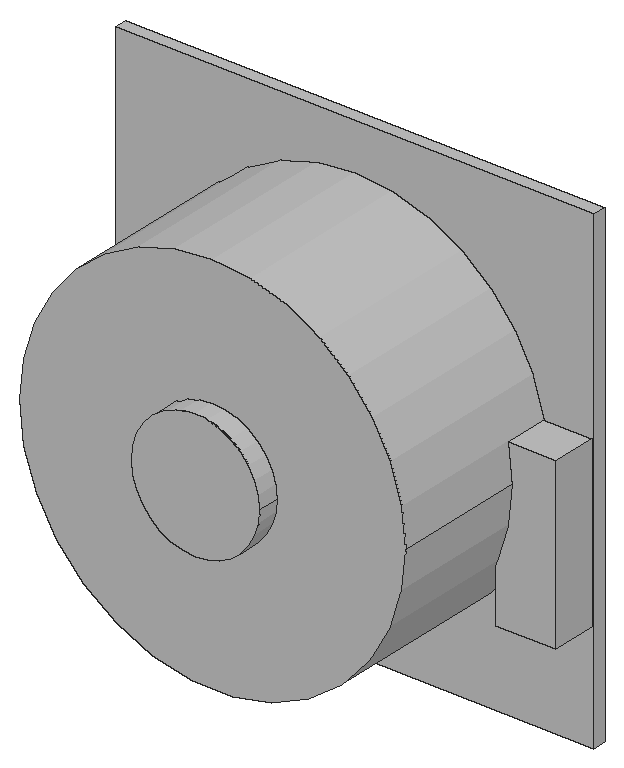
Revit family "ef_eg-25_40asxc2_bsxc2_dsxc2_csxc2-hc_60Hz", category 機械設備, Revit 2019
Family settings
  丸型コネクタ寸法 = 直径を使用
  パーツ タイプ = 標準
  OmniClass 番号 = 23.75.35.21.17
  OmniClass タイトル = Industrial Ventilating Equipment
  作業面ベース = いいえ
  常に垂直 = はい
  ロード時にボイドで切り取り = はい
  共有 = いいえ
  部屋計算ポイント = はい
Parameters (values of type "EF-25ASXC2-HC")
  騒音レベル(dB(A)) [instance] = 40.5
  風量 [instance] = 設計風量  # 0.0 m³/h
  電源種別 [instance] = ""
  電圧 = 100 V
  電動機出力 = 25 W
  電動機_種別 [instance] = ""
  運転質量 = 0.00 kg
  連動 [instance] = ""
  質量 = if(製品質量 > 運転質量, 製品質量, 運転質量) * 1.2  # 5.28 kg
  負荷分類 = 3_ファン類
  説明 = "産業用有圧換気扇 低騒音形ステンレスタイプ オールステンレス厨房用"
  設計風量 [instance] = 0.0 m³/h
  設置方法 = "壁付"
  記号 [instance] = ""
  製造元 = "三菱電機株式会社"
  製品質量 = 4.40 kg
  製品出荷対象 = "国内"
  製品リリース年月 = "2022年6月1日"
  製品グループ = ""
  羽根径 = "∅250"
  レグ_Depth = 147.5 mm
  系統 [instance] = ""
  符号 [instance] = if(☑給気／□排気, "FS", "FE")  # "FE"
  積算_科目 = ""
  積算_拾い区分 [instance] = ""
  相 = 1
  盤記号 [instance] = ""
  盤工事区分 = ""
  発停方法 [instance] = ""
  特殊仕様 [instance] = ""
  火災停止 [instance] = ""
  消費電力 = 50 W
  法定耐用年数 = "15"
  極数 = 2
  極 = 4
  材質 [instance] = ""
  操作・制御方式 = ""
  操作・制御スイッチ = ""
  排気量 [instance] = if(☑給気／□排気, 0.0 m³/h, 設計風量)  # 0.0 m³/h
  形式 = ""
  幹線記号 [instance] = ""
  対象室 [instance] = ""
  実風量 [instance] = 0.0 m³/h
  始動方式 [instance] = "直入"
  外気量 [instance] = if(☑給気／□排気, 設計風量, 0.0 m³/h)  # 0.0 m³/h
  呼称 = "有圧扇"
  周波数 = 60 Hz
  参照している仕様書等のバージョン = ""
  分類コード = "50052503100110"
  分類グループ = ""
  価格 = 181000
  企業コード = "108420"
  付属品_防振装置 = ""
  付属品 [instance] = ""
  仕様書バージョン = "Version1.0"
  モーター径 = 99 mm
  モデル = "EF-25ASXC2-HC"
  ボックス_Width = 46.1 mm
  ボックス_Height = 130.6 mm
  ボックス_Depth = 44.8 mm
  フレームの厚さ = 10 mm
  ファンの種類 = "軸流羽根"
  コメント [instance] = ""
  Keynote = ""
  ☑給気／□排気 [instance] = no
  Width = 370 mm
  Version = ""
  Uniclass2015Version = "Systems v1.9"
  Uniclass2015Title = "Propeller fans"
  Uniclass2015Code = "Pr_65_67_29_67"
  URL = "https://www.mitsubishielectric.co.jp/ldg/wink/ssl/displayProduct.do?pid=319144"
  SpecificationReference = ""
  SpecificationDescription = ""
  Revision = ""
  ProductInformation = ""
  OmniClassCode = "23-33 31 19 11 17"
  MIN風量 = 0.0 m³/h
  MID風量 = 0.0 m³/h
  MAX風量 = 1260.0 m³/h
  IfcTypeProduct = ""
  IfcProduct = ""
  IfcExportType = "TUBEAXIAL"
  IfcExportAs = "IfcFanType"
  Height = 370 mm
  オリフィス径 = 298 mm
  Depth = 164 mm
  Box_W = 137 mm
  Box_H = 83.2 mm
  Author = "三菱電機株式会社"
Types (4, lengths in mm): name | 騒音レベル(dB(A)) | 電動機出力 | 質量 | 製品質量 | 羽根径 | レグ_Depth | 消費電力 | 極 | 価格 | モーター径 | モデル | ボックス_Width | ボックス_Height | ボックス_Depth | Width | URL | MAX風量 | Height | オリフィス径 | Depth | Box_W | Box_H
  EF-25ASXC2-HC | 40.5 | 25 W | 5.28 kg | 4.40 kg | "∅250" | 147.5 | 50 W | 4 | 181000 | 99 | "EF-25ASXC2-HC" | 46.1 | 130.6 | 44.8 | 370 | "https://www.mitsubishielectric.co.jp/ldg/wink/ssl/displayProduct.do?pid=319144" | 1260.0 m³/h | 370 | 298 | 164 | 137 | 83.2
  EF-30BSXC2-HC | 43.5 | 50 W | 6.48 kg | 5.40 kg | "∅300" | 147.5 | 73 W | 4 | 244000 | 99 | "EF-30BSXC2-HC" | 46.1 | 190.6 | 44.8 | 420 | "https://www.mitsubishielectric.co.jp/ldg/wink/ssl/displayProduct.do?pid=319157" | 1980.0 m³/h | 420 | 348 | 164 | 162 | 108.2
  EF-40DSXC2-HC | 54 | 200 W | 15.00 kg | 12.50 kg | "∅400" | 198.5 | 190 W | 4 | 304000 | 113 | "EF-40DSXC2-HC" | 46.7 | 251.4 | 57.8 | 520 | "https://www.mitsubishielectric.co.jp/ldg/wink/ssl/displayProduct.do?pid=318478" | 4360.0 m³/h | 520 | 476 | 225 | 213.3 | 134.8
  EG-40CSXC2-HC | 45 | 100 W | 15.00 kg | 12.50 kg | "∅400" | 212.9 | 122 W | 6 | 290000 | 113 | "EG-40CSXC2-HC" | 46.7 | 251.4 | 57.8 | 520 | "https://www.mitsubishielectric.co.jp/ldg/wink/ssl/displayProduct.do?pid=318586" | 3660.0 m³/h | 520 | 476 | 249 | 213.3 | 134.8
Reference planes
  plane 1 "中心(正面/背面)": y = 0
  plane 2: z = 0
  plane 3 "中心(左/右)": x = 0
  plane 4: z = 0
  plane 5: through (212.832, -1524, 243.759) normal (-0.6508, 0, -0.7593)
  plane 6: through (-212.884, -1524, -243.751) normal (0.6508, 0, 0.7593)
  plane 7: through (208.307, -1524, -247.63) normal (-0.6508, 0, 0.7593)
  plane 8: z = 185
  plane 9: z = -185
  plane 10 "左": x = -185
  plane 11 "右": x = 185
  plane 12 "正面": y = -164
  plane 13: y = -10
  plane 14: through (-208.307, -1524, -247.63) normal (-0.6508, 0, -0.7593)
  plane 15: y = 86
  plane 16: y = 186
  plane 17: x = -250
  plane 18: x = 250
  plane 19: y = -44.8
  plane 20: y = -147.5
  plane 21: x = 137
  plane 22: x = 183.1
  plane 23: z = 28.8
  plane 24: z = -101.8
Forms (mm)
  Extrusion 1, solid, detail levels fine
    sketch origin (0, 0, 0) x (1, 0, 0) y (0, 1, 0)
      loop
        line (-185, 0) -> (-185, -10) -> (185, -10) -> (185, 0) -> (-185, 0)
    from -185 to 185
  Extrusion 2, solid, detail levels fine
    sketch origin (140, -23.659, 0) x (-1, 0, 0) y (0, 0, -1)
      loop
        circle (140, 0) r 49.5
    from 123.841 to 140.341
  Extrusion 3, solid
    sketch origin (0, -153.783, 0) x (1, 0, 0) y (0, 0, 1)
      loop
        circle (0, 0) r 149
    from -143.783 to -6.283
  Extrusion 4, solid
    sketch origin (0, -164, 0) x (0, 0, -1) y (1, 0, 0)
      loop
        line (-28.8, 137) -> (101.8, 137) -> (101.8, 183.1) -> (-28.8, 183.1) -> (-28.8, 137)
    from -154 to -119.2
Cuts and joins
  joined: Extrusion 3, Extrusion 4
Lines and regions (mm)
  Masking region 1, detail levels coarse+medium
    outline origin (0, 0, 0) x (1, 0, 0) y (0, 1, 0)
      loop
        line (-250, -164) -> (250, -164) -> (250, 86) -> (-250, 86) -> (-250, -164)
  Masking region 2, detail levels coarse+medium
    outline origin (0, 0, 0) x (1, 0, 0) y (0, 1, 0)
      loop
        line (-149, 86) -> (149, 86) -> (149, 186) -> (-149, 186) -> (-149, 86)
  symbolic lines, detail levels coarse+medium
    curve 1: circle (149, -163.5, 0) r 115 normal (0, 0, 1)
    curve 2: circle (-149, -163.5, 0) r 115 normal (0, 0, -1)
Dimensions and locks
  level to plane 4 = 0 mm
  equal spacing: plane 8, level, plane 9
  "Depth": plane 12 "正面" to plane 1 "中心(正面/背面)"  (x2)
  "Width": plane 10 "左" to plane 11 "右"
  "Height": plane 8 to plane 9
  "フレームの厚さ": plane 13 to plane 1 "中心(正面/背面)"
  plane 12 "正面" to plane 15 to plane 16 = 250 mm locked, 100 mm locked
  locked: plane 17 to plane 18 at 500
  "レグ_Depth": plane 1 "中心(正面/背面)" to plane 20
  equal spacing: plane 10 "左", plane 3 "中心(左/右)", plane 11 "右"
  "ボックス_Width": plane 22 to plane 21
  "ボックス_Height": plane 23 to plane 24
  "Box_H": plane 24 to plane 9
  "Box_W": plane 21 to plane 3 "中心(左/右)"
  "ボックス_Depth": plane 1 "中心(正面/背面)" to plane 19
  "オリフィス径": diameter of Extrusion 3 sketch curve
  "モーター径": diameter of Extrusion 2 sketch curve
  aligned and locked: level to plane 2
  aligned and locked: Extrusion 1 to plane 8
  aligned and locked: plane 10 "左" to Extrusion 1
  aligned and locked: Extrusion 1 to plane 11 "右"
  aligned and locked: plane 9 to Extrusion 1
  aligned and locked: Extrusion 1 to plane 13
  aligned and locked: Extrusion 1 to plane 1 "中心(正面/背面)"  (x5)
  aligned and locked: plane 12 "正面" to Extrusion 2
  aligned and locked: plane 1 "中心(正面/背面)" to Extrusion 1  (x2)
  aligned and locked: plane 4 to Extrusion 2 sketch curve
  aligned and locked: plane 12 "正面" to Masking region 1 sketch curve
  aligned and locked: Masking region 1 sketch curve to plane 17
  aligned and locked: plane 15 to Masking region 1 sketch curve
  aligned and locked: plane 18 to Masking region 1 sketch curve
  aligned and locked: Masking region 2 sketch curve to plane 15
  aligned and locked: plane 16 to Masking region 2 sketch curve
  aligned and locked: Extrusion 3 to Extrusion 1
  aligned and locked: plane 20 to Extrusion 2
  aligned and locked: Extrusion 3 to plane 20
  aligned and locked: Extrusion 4 sketch curve to plane 23
  aligned and locked: plane 21 to Extrusion 4 sketch curve
  aligned and locked: plane 24 to Extrusion 4 sketch curve
  aligned and locked: Extrusion 4 sketch curve to plane 22
  aligned and locked: plane 13 to Extrusion 4
  aligned and locked: Extrusion 4 to plane 19
Automatic sketch dimensions
  Extrusion 1 sketch curve to plane 10 "左" = 0 mm
  Extrusion 1 sketch curve to plane 11 "右" = 0 mm
  Extrusion 1 sketch curve to plane 13 = 0 mm
  plane 1 "中心(正面/背面)" to Extrusion 1 sketch curve = 0 mm
  Extrusion 3 sketch curve to level = 0 mm
  Extrusion 3 sketch curve to plane 3 "中心(左/右)" = 0 mm
  curve 2 to plane 20 = 16 mm
  curve 1 to plane 20 = 16 mm
  curve 2 to plane 10 "左" = 36 mm
  Masking region 2 sketch curve to plane 10 "左" = 36 mm
  plane 11 "右" to curve 1 = 36 mm
  plane 11 "右" to Masking region 2 sketch curve = 36 mm
  Extrusion 2 sketch curve to plane 3 "中心(左/右)" = 0 mm
  radius of curve 1 = 115 mm
  radius of curve 2 = 115 mm
Connectors
  electrical at (185, -5, 0), driven by "電圧", driven by "負荷分類", driven by "消費電力", driven by "極数"
    settings: on Extrusion 1, index 2, voltage 100 V, apparent load 50 VA, apparent load phase1 0 VA, apparent load phase2 0 VA, apparent load phase3 0 VA, power factor 1, load classification "3_ファン類", number of poles 2, system type 30, power factor state 1, is connector primary yes, connector utility no, sub classification motor no, connector description ""
